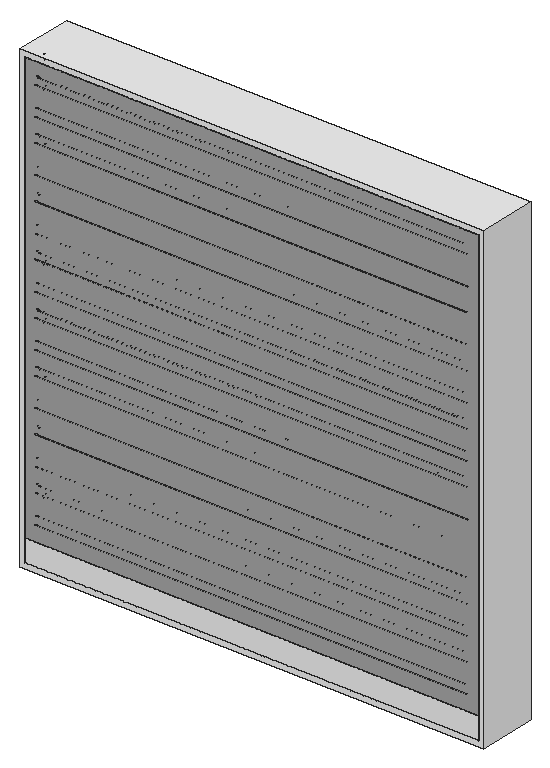
Revit family
Parameters (values of type "Louver_Drnable_EFD-645_All-Lite")
  URL = "http://www.alllite-louvers.com"
  Specifications = "http://www.alllite-louvers.com/catalog/AEFD-645-csi-specification.doc"
  Spacing = 0.5 ft
  SmartBIM Object Version = 3  # constant formula
  SmartBIM Object Created By = "Reed Construction Data"  # constant formula
  Shim Thickness = 0.042 ft
  Screen Width = Width - (2 * Shim Thickness)  # 3.916 ft
  Screen Height = Height - (2 * Shim Thickness) - 0.198333 ft  # 3.717667 ft
  Screen = Aluminum
  Rough Width = 0.0 ft
  Rough Height = 0.0 ft
  Product URL = "http://www.alllite-louvers.com/catalog.php?model=EFD-645"
  Pressure Loss (in.wg.) = "0.15"  # constant formula
  OmniClass Title = "Exterior Louvers and Grilles"  # constant formula
  OmniClass Code = "23-60 11 17"  # constant formula
  Model Number = "EFD-645"  # constant formula
  Model = ""
  Minimum Size = "4.5\" x 9\""
  Maximum Size - Single Section = "60\" x 120\" or 120\" x 60\""
  Maximum Size - Multiple Section = "Unlimited"
  Manufacturer = "All-Lite"  # constant formula
  Louver Width = Width - (2 * Shim Thickness) - 2 * 0.072917 ft  # 3.770167 ft
  Louver = Mill finish, 6063-T5 Extruded Aluminum
  Installation = "http://www.alllite-louvers.com/catalog/Installation.pdf"
  Height = 4.0 ft
  Free Area for 48”x48” Louver = "55.0%"
  Free Area Velocity (fpm) = "1,050"  # constant formula
  Free Area (ft²) for 48"x48" Louver = 8.8 ft
  Frame = Mill finish, 6063-T5 Extruded Aluminum
  Default Sill Height = 3.0 ft
  Wall Closure = (empty or 0)
  Width = 4.0 ft
  Cut Sheet = "http://www.alllite-louvers.com/catalog/AEFD645.pdf "
  Assembly Code = "B2010300"
  Air Volume Delivered (cfm) = "9,240"  # constant formula
  95 CSI = "10200 "  # constant formula
  04 CSI = "08 91 00"  # constant formula
  # of Louvers = (Height - 0.25 ft) / (Spacing)  # 8
Reference planes (ft)
  plane 1 "Center (Front/Back)": y = 0
  plane 2: z = 0.291667
  plane 3 "Center (Left/Right)": x = 0
  plane 4 "Left": x = -2
  plane 5 "Right": x = 2
  plane 6 "Sill": z = 3.291667
  plane 7 "Top": z = 7.291667
  plane 8: x = -1.958
  plane 9: x = 1.958
  plane 10: z = 7.249667
  plane 11: z = 3.333667
  plane 12: z = 5.291667
  plane 13: z = 3.417
  plane 14: z = 3.458667
  plane 15: z = 7.166333
  plane 16: z = 7.124667
  plane 17: z = 7.062167
Forms (ft)
  Sweep 1, solid, material "Mill finish, 6063-T5 Extruded Aluminum" <- "Frame"
    path origin (-5, 0.333333, 0) x (-1, 0, 0) y (0, 0, 1)
      loop
        line (-6.890292, 7.249667) -> (-3.109708, 7.249667)
    profile "Head Horizontal Mullion : Head Horizontal Mullion" origin (0, 0.333333, 7.249667) x (0, 0, 1) y (0, 1, 0)
      loop
        line (-0.083333, -0.00675) -> (-0.142259, -0.065676) -> (-0.137486, -0.070449) -> (-0.080537, -0.0135) -> (-0.00675, -0.0135) -> (-0.00675, -0.071625)
        arc (-0.00675, -0.071625) -> (-0.007739, -0.074011) -> (-0.010125, -0.075) r 0.003375
        line (-0.010125, -0.075) -> (-0.027583, -0.075) -> (-0.027583, -0.08175) -> (-0.307684, -0.08175) -> (-0.307684, -0.0135) -> (-0.231101, -0.0135) -> (-0.231101, -0.00675) -> (-0.314434, -0.00675) -> (-0.314434, -0.0885) -> (-0.206564, -0.0885)
        arc (-0.206564, -0.0885) -> (-0.204178, -0.089489) -> (-0.203189, -0.091875) r 0.003375
        line (-0.203189, -0.091875) -> (-0.203189, -0.104254)
        arc (-0.203189, -0.104254) -> (-0.203748, -0.106115) -> (-0.20524, -0.107359) r 0.003375
        arc (-0.20524, -0.107359) -> (-0.213421, -0.117587) -> (-0.209404, -0.130053) r 0.013833
        arc (-0.209404, -0.130053) -> (-0.205743, -0.130726) -> (-0.203689, -0.127621) r 0.003375
        arc (-0.203689, -0.127621) -> (-0.203959, -0.126299) -> (-0.204725, -0.125188) r 0.003375
        arc (-0.204725, -0.125188) -> (-0.199814, -0.113) -> (-0.194904, -0.125188) r 0.007083
        arc (-0.194904, -0.125188) -> (-0.19567, -0.126299) -> (-0.195939, -0.127621) r 0.003375
        arc (-0.195939, -0.127621) -> (-0.193886, -0.130726) -> (-0.190225, -0.130053) r 0.003375
        arc (-0.190225, -0.130053) -> (-0.186208, -0.117587) -> (-0.194388, -0.107359) r 0.013833
        arc (-0.194388, -0.107359) -> (-0.19588, -0.106115) -> (-0.196439, -0.104254) r 0.003375
        line (-0.196439, -0.104254) -> (-0.196439, -0.091875)
        arc (-0.196439, -0.091875) -> (-0.195451, -0.089489) -> (-0.193064, -0.0885) r 0.003375
        line (-0.193064, -0.0885) -> (-0.06925, -0.0885) -> (-0.06925, -0.09525) -> (-0.046442, -0.09525)
        arc (-0.046442, -0.09525) -> (-0.044055, -0.096239) -> (-0.043067, -0.098625) r 0.003375
        line (-0.043067, -0.098625) -> (-0.043067, -0.104254)
        arc (-0.043067, -0.104254) -> (-0.043626, -0.106115) -> (-0.045118, -0.107359) r 0.003375
        arc (-0.045118, -0.107359) -> (-0.053298, -0.117587) -> (-0.049281, -0.130053) r 0.013833
        arc (-0.049281, -0.130053) -> (-0.04562, -0.130726) -> (-0.043567, -0.127621) r 0.003375
        arc (-0.043567, -0.127621) -> (-0.043836, -0.126299) -> (-0.044602, -0.125188) r 0.003375
        arc (-0.044602, -0.125188) -> (-0.039692, -0.113) -> (-0.034781, -0.125188) r 0.007083
        arc (-0.034781, -0.125188) -> (-0.035547, -0.126299) -> (-0.035817, -0.127621) r 0.003375
        arc (-0.035817, -0.127621) -> (-0.033763, -0.130726) -> (-0.030102, -0.130053) r 0.003375
        arc (-0.030102, -0.130053) -> (-0.026085, -0.117587) -> (-0.034266, -0.107359) r 0.013833
        arc (-0.034266, -0.107359) -> (-0.035758, -0.106115) -> (-0.036317, -0.104254) r 0.003375
        line (-0.036317, -0.104254) -> (-0.036317, -0.098625)
        arc (-0.036317, -0.098625) -> (-0.035328, -0.096239) -> (-0.032942, -0.09525) r 0.003375
        line (-0.032942, -0.09525) -> (-0.00675, -0.09525) -> (-0.00675, -0.384167)
        arc (-0.00675, -0.384167) -> (-0.007739, -0.386553) -> (-0.010125, -0.387542) r 0.003375
        line (-0.010125, -0.387542) -> (-0.023858, -0.387542)
        arc (-0.023858, -0.387542) -> (-0.025719, -0.386983) -> (-0.026963, -0.385491) r 0.003375
        arc (-0.026963, -0.385491) -> (-0.037191, -0.37731) -> (-0.049657, -0.381327) r 0.013833
        arc (-0.049657, -0.381327) -> (-0.05033, -0.384988) -> (-0.047225, -0.387042) r 0.003375
        arc (-0.047225, -0.387042) -> (-0.045903, -0.386772) -> (-0.044793, -0.386006) r 0.003375
        arc (-0.044793, -0.386006) -> (-0.032604, -0.390917) -> (-0.044793, -0.395827) r 0.007083
        arc (-0.044793, -0.395827) -> (-0.045903, -0.395061) -> (-0.047225, -0.394792) r 0.003375
        arc (-0.047225, -0.394792) -> (-0.05033, -0.396845) -> (-0.049657, -0.400506) r 0.003375
        arc (-0.049657, -0.400506) -> (-0.037191, -0.404523) -> (-0.026963, -0.396343) r 0.013833
        arc (-0.026963, -0.396343) -> (-0.025719, -0.394851) -> (-0.023858, -0.394292) r 0.003375
        line (-0.023858, -0.394292) -> (-0.010125, -0.394292)
        arc (-0.010125, -0.394292) -> (-0.007739, -0.39528) -> (-0.00675, -0.397667) r 0.003375
        line (-0.00675, -0.397667) -> (-0.00675, -0.49325) -> (-0.0625, -0.49325) -> (-0.0625, -0.5) -> (0, -0.5) -> (0, -0.00675) -> (-0.083333, -0.00675)
  Sweep 2, solid, material "Mill finish, 6063-T5 Extruded Aluminum" <- "Frame"
    path origin (-5, 0.333333, 0) x (-1, 0, 0) y (0, 0, 1)
      loop
        line (-6.958, 3.333667) -> (-3.042, 3.333667)
    profile "Horizontal Mullion : Horizontal Mullion" origin (0, 0.333333, 3.333667) x (0, 0, 1) y (0, 1, 0)
      loop
        line (0.076583, -0.00675) -> (0.076583, -0.5) -> (0.00675, -0.5) -> (0.00675, -0.465083) -> (0, -0.465083) -> (0, -0.50675) -> (0.197917, -0.50675) -> (0.197917, -0.5) -> (0.083333, -0.5) -> (0.083333, 0) -> (0, 0) -> (0, -0.041667) -> (0.00675, -0.041667) -> (0.00675, -0.00675) -> (0.076583, -0.00675)
  Sweep 3, solid, material "Mill finish, 6063-T5 Extruded Aluminum" <- "Frame"
    path origin (-5, 0.333333, 0) x (-1, 0, 0) y (0, 0, 1)
      loop
        line (-6.958, 3.417) -> (-6.958, 7.249667)
    profile "Vertical Mullion : Vertical Mullion" origin (1.958, 0.333333, 5.333333) x (1, 0, 0) y (0, 1, 0)
      loop
        line (-0.067708, -0.08175) -> (-0.067708, -0.5) -> (0, -0.5) -> (0, -0.472417) -> (-0.00675, -0.472417) -> (-0.00675, -0.49325) -> (-0.060958, -0.49325) -> (-0.060958, -0.0885) -> (0, -0.0885) -> (0, 0) -> (-0.083333, 0) -> (-0.083333, -0.00675) -> (-0.067708, -0.00675) -> (-0.067708, -0.022375) -> (-0.060958, -0.022375) -> (-0.060958, -0.00675) -> (-0.00675, -0.00675) -> (-0.00675, -0.08175) -> (-0.067708, -0.08175)
  Sweep 4, solid, material "Mill finish, 6063-T5 Extruded Aluminum" <- "Frame"
    path origin (5, 0.333333, 0) x (1, 0, 0) y (0, 0, -1)
      loop
        line (-6.958, -3.417) -> (-6.958, -7.249667)
    profile "Vertical Mullion : Vertical Mullion" origin (-1.958, 0.333333, 5.333333) x (1, 0, 0) y (0, 1, 0)
      loop
        line (0.067708, -0.08175) -> (0.00675, -0.08175) -> (0.00675, -0.00675) -> (0.060958, -0.00675) -> (0.060958, -0.022375) -> (0.067708, -0.022375) -> (0.067708, -0.00675) -> (0.083333, -0.00675) -> (0.083333, 0) -> (0, 0) -> (0, -0.0885) -> (0.060958, -0.0885) -> (0.060958, -0.49325) -> (0.00675, -0.49325) -> (0.00675, -0.472417) -> (0, -0.472417) -> (0, -0.5) -> (0.067708, -0.5) -> (0.067708, -0.08175)
  Sweep 5, solid, material "Mill finish, 6063-T5 Extruded Aluminum" <- "Frame"
    path origin (-5, 0.333333, 0) x (-1, 0, 0) y (0, 0, 1)
      loop
        line (-3, 7.291667) -> (-7, 7.291667) -> (-7, 3.291667) -> (-3, 3.291667) -> (-3, 7.291667)
    profile origin (-2, 0.333333, 5.291667) x (0, 1, 0) y (-1, 0, 0)
      loop
        line (0, 0) -> (-0.50675, 0) -> (-0.50675, -0.042) -> (0, -0.042) -> (0, 0)
  Extrusion 6, solid, material "Aluminum" <- "Screen"
    sketch origin (1.458333, 0, 3.416667) x (0, 0, 1) y (-1, 0, 0)
      loop
        line (0.114917, -0.499667) -> (3.833, -0.499667) -> (3.833, 3.416333) -> (0.114917, 3.416333) -> (0.114917, -0.499667)
    from 0.166667 to 0.173417
Cuts and joins
  joined: Sweep 3, Sweep 4
Lines and regions (ft)
  Opening 1
    outline origin (-5, -0.333333, 0) x (1, 0, 0) y (0, 0, 1)
      loop
        line (3, 7.291667) -> (3, 3.291667) -> (7, 3.291667) -> (7, 7.291667) -> (3, 7.291667)
  Masking region 1, detail levels coarse+medium
    outline origin (0, 0, 0) x (1, 0, 0) y (0, 1, 0)
      loop
        line (-2, -0.173417) -> (-1.890292, -0.173417) -> (-1.890292, 0.333333) -> (-2, 0.333333) -> (-2, -0.173417)
      loop
        line (2, -0.173417) -> (2, 0.333333) -> (1.890292, 0.333333) -> (1.890292, -0.173417) -> (2, -0.173417)
  Masking region 2, detail levels fine
    outline origin (0, 0, 0) x (1, 0, 0) y (0, 1, 0)
      loop
        line (1.897042, 0.244833) -> (1.958, 0.244833) -> (1.958, 0.333333) -> (1.874667, 0.333333) -> (1.874667, 0.326583) -> (1.890292, 0.326583) -> (1.890292, 0.310958) -> (1.897042, 0.310958) -> (1.897042, 0.326583) -> (1.95125, 0.326583) -> (1.95125, 0.251583) -> (1.890292, 0.251583) -> (1.890292, -0.166667) -> (1.958, -0.166667) -> (1.958, -0.139083) -> (1.95125, -0.139083) -> (1.95125, -0.159917) -> (1.897042, -0.159917) -> (1.897042, 0.244833)
      loop
        line (-1.897042, 0.326583) -> (-1.897042, 0.310958) -> (-1.890292, 0.310958) -> (-1.890292, 0.326583) -> (-1.874667, 0.326583) -> (-1.874667, 0.333333) -> (-1.958, 0.333333) -> (-1.958, 0.244833) -> (-1.897042, 0.244833) -> (-1.897042, -0.159917) -> (-1.95125, -0.159917) -> (-1.95125, -0.139083) -> (-1.958, -0.139083) -> (-1.958, -0.166667) -> (-1.890292, -0.166667) -> (-1.890292, 0.251583) -> (-1.95125, 0.251583) -> (-1.95125, 0.326583) -> (-1.897042, 0.326583)
Text (ft)
  text "EXTERIOR" at (-4.890733, 4.242245, 0), in view "Ref. Level"
  text "INTERIOR" at (-4.890733, -3.147199, 0), in view "Ref. Level"
  text "Exterior" at (0, 3.638026, 10.266337), in view "Left"
  text "Exterior" at (0, 1.524487, 10.420622), in view "Right"
Dimensions and locks (ft)
  equal spacing: plane 4 "Left", plane 3 "Center (Left/Right)", plane 5 "Right"
  "Width": plane 4 "Left" to plane 5 "Right"
  "Height": plane 6 "Sill" to plane 7 "Top"
  "Default Sill Height": plane 2 to plane 6 "Sill"
  "Shim Thickness": plane 4 "Left" to plane 8
  "Shim Thickness": plane 9 to plane 5 "Right"
  "Shim Thickness": plane 10 to plane 7 "Top"
  "Shim Thickness": plane 6 "Sill" to plane 11
  equal spacing: plane 11, plane 12, plane 10
  locked: plane 13 to plane 11 at 0.083333
  locked: plane 14 to plane 13 at 0.041667
  locked: plane 10 to plane 15 at 0.083333
  locked: plane 15 to plane 16 at 0.041667
  locked: plane 10 to plane 17 at 0.1875
  equal spacing: group 1, group 3, group 4, group 5, group 6, group 7, group 8, group 2  (x3)
  aligned and locked: plane 7 "Top" to Opening 1 sketch curve
  aligned and locked: plane 6 "Sill" to Opening 1 sketch curve  (x2)
  aligned and locked: plane 5 "Right" to Opening 1 sketch curve
  aligned and locked: plane 4 "Left" to Opening 1 sketch curve
  aligned and locked: plane 10 to Sweep 1 sketch curve
  aligned and locked: Sweep 2 sketch curve to plane 11
  aligned and locked: plane 8 to Sweep 2 sketch curve
  aligned and locked: plane 9 to Sweep 3 sketch curve
  aligned and locked: Sweep 4 sketch curve to plane 8
  aligned and locked: Sweep 5 sketch curve to plane 4 "Left"
  aligned and locked: Sweep 5 sketch curve to plane 7 "Top"
  aligned and locked: Sweep 5 sketch curve to plane 6 "Sill"
  aligned and locked: Sweep 5 sketch curve to plane 5 "Right"
  aligned and locked: Sweep 5 sketch curve to host wall  (x2)
  aligned and locked: plane 8 to Sweep 5 sketch curve
  aligned and locked: plane 3 "Center (Left/Right)" to nested 1
  aligned and locked: plane 10 to Sweep 4 sketch curve
  aligned and locked: profile plane to host wall
  aligned and locked: Sweep 4 sketch curve to Sweep 2
  aligned and locked: Sweep 5 sketch curve to Sweep 2
  aligned and locked: plane 3 "Center (Left/Right)" to nested 2
  aligned and locked: Sweep 2 to Extrusion 6 sketch curve
  aligned and locked: Extrusion 6 sketch curve to Sweep 1
  aligned and locked: Extrusion 6 to Sweep 2
  aligned and locked: Sweep 5 to Extrusion 6
  aligned and locked: plane 14 to nested 1
  aligned and locked: cut or joined group of Sweep 3, Sweep 4 to Sweep 1 sketch curve
  aligned and locked: Sweep 1 sketch curve to cut or joined group of Sweep 3, Sweep 4
  aligned and locked: cut or joined group of Sweep 3, Sweep 4 to Extrusion 6 sketch curve
  aligned and locked: Extrusion 6 sketch curve to cut or joined group of Sweep 3, Sweep 4
  aligned and locked: nested 1 to cut or joined group of Sweep 3, Sweep 4
  aligned and locked: nested 2 to plane 16
  aligned and locked: nested 2 to cut or joined group of Sweep 3, Sweep 4
  aligned and locked: Masking region 1 sketch curve to plane 4 "Left"
  aligned and locked: host wall to Masking region 1 sketch curve  (x2)
  aligned and locked: Masking region 1 sketch curve to Extrusion 6
  aligned and locked: Masking region 1 sketch curve to cut or joined group of Sweep 3, Sweep 4  (x2)
  aligned and locked: Masking region 1 sketch curve to plane 5 "Right"
  aligned and locked: Extrusion 6 to Masking region 1 sketch curve
  aligned and locked: Masking region 2 sketch curve to cut or joined group of Sweep 3, Sweep 4  (x28)
  aligned and locked: host wall to Masking region 2 sketch curve
  aligned and locked: plane 9 to Masking region 2 sketch curve  (x2)
  aligned and locked: Masking region 2 sketch curve to plane 8  (x2)
  aligned and locked: Extrusion 6 to Masking region 2 sketch curve
Automatic sketch dimensions
  Sweep 3 sketch curve to plane 10 = 0.0 ft
  Sweep 2 sketch curve to plane 9 = 0.0 ft
  Sweep 3 sketch curve to plane 13 = 0.0 ft
  Masking region 2 sketch curve to host wall = 0.0 ft
  Masking region 2 sketch curve to Masking region 2 sketch curve = 0.00675 ft
Nested families (ft)
  nested 1: "Louver Single" at (0, 0.166271, 3.458667), type "Louver"
    with Louver Length 3.770167 ft
  nested 2: "Louver Single" at (0, 0.166271, 6.610974), type "Louver"
    with Louver Length 3.770167 ft
  nested 3: "Louver Single" at (0, 0.166271, 3.908996), type "Louver"
    with Louver Length 3.770167 ft
  nested 4: "Louver Single" at (0, 0.166271, 4.359326), type "Louver"
    with Louver Length 3.770167 ft
  nested 5: "Louver Single" at (0, 0.166271, 4.809655), type "Louver"
    with Louver Length 3.770167 ft
  nested 6: "Louver Single" at (0, 0.166271, 5.259985), type "Louver"
    with Louver Length 3.770167 ft
  nested 7: "Louver Single" at (0, 0.166271, 5.710315), type "Louver"
    with Louver Length 3.770167 ft
  nested 8: "Louver Single" at (0, 0.166271, 6.160644), type "Louver"
    with Louver Length 3.770167 ft
Connectors (ft)
  hvac at (0, -0.173417, 5.390625), driven by "Screen Height", driven by "Screen Width"
    settings: on Extrusion 6, index 1
Definition of nested family "Louver Single"
  Parameters (values of type "Louver")
    Louver Length = 3.9375 ft
    Depth = 0.156576 ft
    Louver Single = yes
    Louver = All-Lite - El Cajon Silver
    Assembly Code = ""
  Reference planes (ft)
    plane 1 "Center (Front/Back)": y = -0.085938
    plane 2: z = 0
    plane 3 "Center (Left/Right)": x = 0
    plane 4: x = -1.96875
    plane 5: x = 1.96875
    plane 6: y = 0.160312
    plane 7: y = -0.332188
    plane 8: z = 0.513693
  Forms (ft)
    Extrusion 1, solid, material "All-Lite - El Cajon Silver" <- "Louver"
      sketch origin (0, 0.083333, 0) x (0, 1, 0) y (0, 0, 1)
        loop
          line (0.002166, 0.074809) -> (0.002166, 0.106059) -> (-0.380366, 0.488591)
          arc (-0.380366, 0.488591) -> (-0.381097, 0.489686) -> (-0.381354, 0.490978) r 0.003375
          line (-0.381354, 0.490978) -> (-0.381354, 0.49661)
          arc (-0.381354, 0.49661) -> (-0.398438, 0.513693) -> (-0.415521, 0.49661) r 0.017083
          line (-0.415521, 0.49661) -> (-0.415521, 0.485485) -> (-0.405104, 0.485485) -> (-0.405104, 0.49661)
          arc (-0.405104, 0.49661) -> (-0.398438, 0.503276) -> (-0.391771, 0.49661) r 0.006667
          line (-0.391771, 0.49661) -> (-0.391771, 0.452193)
          arc (-0.391771, 0.452193) -> (-0.398438, 0.445526) -> (-0.405104, 0.452193) r 0.006667
          line (-0.405104, 0.452193) -> (-0.405104, 0.463318) -> (-0.415521, 0.463318) -> (-0.415521, 0.452193)
          arc (-0.415521, 0.452193) -> (-0.398438, 0.43511) -> (-0.381354, 0.452193) r 0.017083
          line (-0.381354, 0.452193) -> (-0.381354, 0.472593)
          arc (-0.381354, 0.472593) -> (-0.379271, 0.475711) -> (-0.375593, 0.47498) r 0.003375
          line (-0.375593, 0.47498) -> (-0.313887, 0.413274)
          arc (-0.313887, 0.413274) -> (-0.312912, 0.410583) -> (-0.314355, 0.408111) r 0.003375
          arc (-0.314355, 0.408111) -> (-0.31758, 0.404863) -> (-0.319421, 0.400672) r 0.0125
          arc (-0.319421, 0.400672) -> (-0.317089, 0.396918) -> (-0.313334, 0.39925) r 0.003125
          arc (-0.313334, 0.39925) -> (-0.302829, 0.402247) -> (-0.305826, 0.391742) r 0.00625
          arc (-0.305826, 0.391742) -> (-0.308158, 0.387987) -> (-0.304404, 0.385656) r 0.003125
          arc (-0.304404, 0.385656) -> (-0.300213, 0.387496) -> (-0.296965, 0.390721) r 0.0125
          arc (-0.296965, 0.390721) -> (-0.294493, 0.392164) -> (-0.291802, 0.391189) r 0.003375
          line (-0.291802, 0.391189) -> (-0.043614, 0.143001)
          arc (-0.043614, 0.143001) -> (-0.042633, 0.140392) -> (-0.04395, 0.137934) r 0.003375
          arc (-0.04395, 0.137934) -> (-0.046853, 0.134791) -> (-0.048526, 0.130852) r 0.0125
          arc (-0.048526, 0.130852) -> (-0.046194, 0.127097) -> (-0.04244, 0.129429) r 0.003125
          arc (-0.04244, 0.129429) -> (-0.031935, 0.132426) -> (-0.034932, 0.121921) r 0.00625
          arc (-0.034932, 0.121921) -> (-0.037264, 0.118167) -> (-0.03351, 0.115835) r 0.003125
          arc (-0.03351, 0.115835) -> (-0.029571, 0.117508) -> (-0.026427, 0.120411) r 0.0125
          arc (-0.026427, 0.120411) -> (-0.023969, 0.121728) -> (-0.02136, 0.120747) r 0.003375
          line (-0.02136, 0.120747) -> (-0.004084, 0.103471) -> (-0.004084, 0.072221) -> (0.067149, 0.000987)
          arc (0.067149, 0.000987) -> (0.068284, 0.00024) -> (0.069621, 0) r 0.003375
          line (0.069621, 0) -> (0.073604, 0)
          arc (0.073604, 0) -> (0.075991, 0.000989) -> (0.076979, 0.003375) r 0.003375
          line (0.076979, 0.003375) -> (0.076979, 0.076637)
          arc (0.076979, 0.076637) -> (0.075123, 0.079651) -> (0.071596, 0.07935) r 0.003375
          line (0.071596, 0.07935) -> (0.056146, 0.067913) -> (0.056146, 0.059515) -> (0.070729, 0.07031) -> (0.070729, 0.014394)
          arc (0.070729, 0.014394) -> (0.068646, 0.011276) -> (0.064968, 0.012008) r 0.003375
          line (0.064968, 0.012008) -> (0.002166, 0.074809)
      from -1.96875 to 1.96875
    Extrusion 2, solid, material "All-Lite - El Cajon Silver" <- "Louver"
      sketch origin (-1.96875, 0.083333, 0) x (0, -1, 0) y (0, 0, 1)
        loop
          line (0.351345, 0.350484) -> (0.337075, 0.363446)
          arc (0.337075, 0.363446) -> (0.334725, 0.364322) -> (0.332419, 0.363335) r 0.003375
          line (0.332419, 0.363335) -> (0.071507, 0.102422)
          arc (0.071507, 0.102422) -> (0.070518, 0.100035) -> (0.071507, 0.097648) r 0.003375
          line (0.071507, 0.097648) -> (0.079431, 0.08973)
          arc (0.079431, 0.08973) -> (0.081042, 0.088832) -> (0.082883, 0.088915) r 0.003375
          line (0.082883, 0.088915) -> (0.385531, 0.189678)
          arc (0.385531, 0.189678) -> (0.387657, 0.191784) -> (0.387274, 0.194752) r 0.003375
          arc (0.387274, 0.194752) -> (0.385596, 0.198306) -> (0.385021, 0.202193) r 0.013417
          line (0.385021, 0.202193) -> (0.385021, 0.24661)
          arc (0.385021, 0.24661) -> (0.388446, 0.255564) -> (0.396973, 0.259946) r 0.013417
          arc (0.396973, 0.259946) -> (0.399607, 0.26176) -> (0.399545, 0.264958) r 0.003375
          line (0.399545, 0.264958) -> (0.351345, 0.350484)
        loop
          line (0.355466, 0.356919) -> (0.313284, 0.396565)
          arc (0.313284, 0.396565) -> (0.302888, 0.402188) -> (0.308511, 0.391792) r 0.006167
          line (0.308511, 0.391792) -> (0.327534, 0.372769)
          arc (0.327534, 0.372769) -> (0.328523, 0.370382) -> (0.327534, 0.367996) r 0.003375
          line (0.327534, 0.367996) -> (0.06673, 0.107191)
          arc (0.06673, 0.107191) -> (0.064344, 0.106203) -> (0.061958, 0.10719) r 0.003375
          line (0.061958, 0.10719) -> (0.04239, 0.126744)
          arc (0.04239, 0.126744) -> (0.031994, 0.132368) -> (0.037617, 0.121971) r 0.006167
          line (0.037617, 0.121971) -> (0.076134, 0.083482)
          arc (0.076134, 0.083482) -> (0.079355, 0.081687) -> (0.083038, 0.081852) r 0.00675
          line (0.083038, 0.081852) -> (0.409419, 0.190516)
          arc (0.409419, 0.190516) -> (0.413864, 0.19436) -> (0.415521, 0.199997) r 0.010417
          line (0.415521, 0.199997) -> (0.415521, 0.213318) -> (0.405104, 0.213318) -> (0.405104, 0.202193)
          arc (0.405104, 0.202193) -> (0.398438, 0.195526) -> (0.391771, 0.202193) r 0.006667
          line (0.391771, 0.202193) -> (0.391771, 0.24661)
          arc (0.391771, 0.24661) -> (0.398438, 0.253276) -> (0.405104, 0.24661) r 0.006667
          line (0.405104, 0.24661) -> (0.405104, 0.235485) -> (0.415521, 0.235485) -> (0.415521, 0.248805)
          arc (0.415521, 0.248805) -> (0.414598, 0.253092) -> (0.411992, 0.25662) r 0.010417
          line (0.411992, 0.25662) -> (0.355466, 0.356919)
      from -3.9375 to 0
  Dimensions and locks (ft)
    equal spacing: plane 4, plane 3 "Center (Left/Right)", plane 5
    "Louver Length": plane 4 to plane 5
    aligned and locked: Extrusion 1 to plane 4
    aligned and locked: plane 5 to Extrusion 1
    aligned and locked: plane 5 to Extrusion 2
    aligned and locked: Extrusion 2 to plane 4
  Automatic sketch dimensions
    Extrusion 1 sketch curve to Extrusion 1 sketch curve = 0.0 ft  (x30)
    Extrusion 1 sketch curve to level = 0.0 ft
    Extrusion 1 sketch curve to plane 6 = 0.0 ft
    Extrusion 1 sketch curve to Extrusion 1 sketch curve = 0.010417 ft
    Extrusion 1 sketch curve to Extrusion 1 sketch curve = 0.006667 ft  (x2)
    Extrusion 1 sketch curve to Extrusion 1 sketch curve = 0.000989 ft
    Extrusion 1 sketch curve to Extrusion 1 sketch curve = 0.002386 ft  (x9)
    Extrusion 1 sketch curve to Extrusion 1 sketch curve = 0.003375 ft  (x3)
    Extrusion 1 sketch curve to Extrusion 1 sketch curve = 0.061934 ft
    Extrusion 1 sketch curve to Extrusion 1 sketch curve = 0.003043 ft  (x2)
    Extrusion 1 sketch curve to Extrusion 1 sketch curve = 0.003147 ft
    Extrusion 1 sketch curve to Extrusion 1 sketch curve = 0.001919 ft  (x2)
    Extrusion 1 sketch curve to Extrusion 1 sketch curve = 0.001422 ft  (x2)
    Extrusion 1 sketch curve to Extrusion 1 sketch curve = 0.000711 ft  (x3)
    Extrusion 1 sketch curve to Extrusion 1 sketch curve = 0.002777 ft
    Extrusion 1 sketch curve to plane 1 "Center (Front/Back)" = 0.120745 ft
    Extrusion 1 sketch curve to Extrusion 1 sketch curve = 0.002525 ft  (x2)
    Extrusion 1 sketch curve to Extrusion 1 sketch curve = 0.002051 ft  (x2)
    Extrusion 1 sketch curve to Extrusion 1 sketch curve = 0.00268 ft  (x2)
    Extrusion 1 sketch curve to Extrusion 1 sketch curve = 0.017276 ft
    Extrusion 1 sketch curve to Extrusion 1 sketch curve = 0.00625 ft
    Extrusion 1 sketch curve to plane 6 = 0.020833 ft
    Extrusion 1 sketch curve to plane 6 = 0.00983 ft
    level to Extrusion 1 sketch curve = 0.000987 ft
    Extrusion 1 sketch curve to Extrusion 1 sketch curve = 0.002472 ft
    Extrusion 1 sketch curve to plane 6 = 0.00625 ft
    Extrusion 1 sketch curve to plane 6 = 0.005383 ft
    Extrusion 1 sketch curve to plane 6 = 0.003375 ft
    level to Extrusion 1 sketch curve = 0.003375 ft
    Extrusion 1 sketch curve to Extrusion 1 sketch curve = 0.008634 ft
    Extrusion 1 sketch curve to Extrusion 1 sketch curve = 0.045121 ft
    Extrusion 1 sketch curve to Extrusion 1 sketch curve = 0.008398 ft
    Extrusion 1 sketch curve to Extrusion 1 sketch curve = 0.002397 ft
    Extrusion 1 sketch curve to Extrusion 1 sketch curve = 0.004307 ft
    Extrusion 1 sketch curve to Extrusion 1 sketch curve = 0.002589 ft  (x2)
    Extrusion 1 sketch curve to Extrusion 1 sketch curve = 0.006327 ft
    Extrusion 1 sketch curve to Extrusion 1 sketch curve = 0.028661 ft
    Extrusion 1 sketch curve to Extrusion 1 sketch curve = 0.012364 ft
    Extrusion 1 sketch curve to Extrusion 1 sketch curve = 0.011125 ft
    Extrusion 1 sketch curve to Extrusion 1 sketch curve = 0.0204 ft
    Extrusion 1 sketch curve to Extrusion 1 sketch curve = 0.022167 ft
    Extrusion 1 sketch curve to Extrusion 1 sketch curve = 0.013612 ft
    Extrusion 1 sketch curve to Extrusion 1 sketch curve = 0.005632 ft
    Extrusion 1 to Extrusion 2 sketch curve = 0.067423 ft
    Extrusion 2 sketch curve to Extrusion 2 sketch curve = 0.000001 ft  (x2)
    Extrusion 2 sketch curve to Extrusion 2 sketch curve = 0.002386 ft  (x9)
    Extrusion 2 sketch curve to Extrusion 2 sketch curve = 0.007924 ft
    Extrusion 2 sketch curve to Extrusion 2 sketch curve = 0.001066 ft  (x2)
    Extrusion 1 to Extrusion 2 sketch curve = 0.048935 ft
    Extrusion 2 sketch curve to Extrusion 2 sketch curve = 0.002269 ft
    Extrusion 2 sketch curve to Extrusion 2 sketch curve = 0.01427 ft
    Extrusion 2 sketch curve to Extrusion 1 = 0.003111 ft
    Extrusion 2 sketch curve to Extrusion 2 sketch curve = 0.002808 ft
    Extrusion 2 sketch curve to Extrusion 2 sketch curve = 0.000368 ft
    Extrusion 2 sketch curve to Extrusion 2 sketch curve = 0.0 ft  (x6)
    Extrusion 2 sketch curve to Extrusion 2 sketch curve = 0.00294 ft
    Extrusion 2 sketch curve to Extrusion 1 = 0.088915 ft
    Extrusion 2 sketch curve to Extrusion 2 sketch curve = 0.000815 ft
    Extrusion 2 sketch curve to Extrusion 2 sketch curve = 0.007918 ft
    Extrusion 2 sketch curve to Extrusion 2 sketch curve = 0.002387 ft
    Extrusion 2 sketch curve to Extrusion 1 = 0.189678 ft
    Extrusion 2 sketch curve to Extrusion 2 sketch curve = 0.003202 ft
    Extrusion 2 sketch curve to Extrusion 2 sketch curve = 0.044417 ft
    Extrusion 2 sketch curve to Extrusion 2 sketch curve = 0.003355 ft
    Extrusion 2 sketch curve to Extrusion 2 sketch curve = 0.085526 ft
    Extrusion 2 sketch curve to Extrusion 2 sketch curve = 0.010464 ft
    Extrusion 2 sketch curve to Extrusion 1 = 0.0 ft  (x7)
    Extrusion 2 sketch curve to Extrusion 2 sketch curve = 0.001263 ft  (x2)
    Extrusion 2 sketch curve to Extrusion 2 sketch curve = 0.006036 ft  (x2)
    Extrusion 2 sketch curve to Extrusion 2 sketch curve = 0.009549 ft
    Extrusion 2 sketch curve to Extrusion 2 sketch curve = 0.003297 ft
    Extrusion 2 sketch curve to Extrusion 2 sketch curve = 0.001977 ft
    Extrusion 2 sketch curve to Extrusion 2 sketch curve = 0.002132 ft
    Extrusion 2 sketch curve to Extrusion 2 sketch curve = 0.007271 ft
    Extrusion 2 sketch curve to Extrusion 2 sketch curve = 0.004122 ft
    Extrusion 2 sketch curve to Extrusion 1 = 0.004315 ft
    Extrusion 2 sketch curve to Extrusion 1 = 0.003529 ft
    Extrusion 2 sketch curve to Extrusion 2 sketch curve = 0.000658 ft
    Extrusion 2 sketch curve to Extrusion 2 sketch curve = 0.004775 ft
    Extrusion 2 sketch curve to Extrusion 2 sketch curve = 0.004769 ft
    Extrusion 2 sketch curve to Extrusion 2 sketch curve = 0.011677 ft
    Extrusion 2 sketch curve to Extrusion 2 sketch curve = 0.011125 ft  (x2)
    Extrusion 2 sketch curve to Extrusion 2 sketch curve = 0.002196 ft
    Extrusion 2 sketch curve to Extrusion 2 sketch curve = 0.006435 ft
    Extrusion 2 sketch curve to Extrusion 2 sketch curve = 0.004661 ft
    plane 1 "Center (Front/Back)" to Extrusion 1 sketch curve = 0.122531 ft
    Extrusion 1 sketch curve to Extrusion 1 sketch curve = 0.245041 ft
    Extrusion 1 sketch curve to Extrusion 1 sketch curve = 0.041305 ft
    radius of Extrusion 2 sketch curve to Extrusion 1 = 0.000083 ft  (x2)
